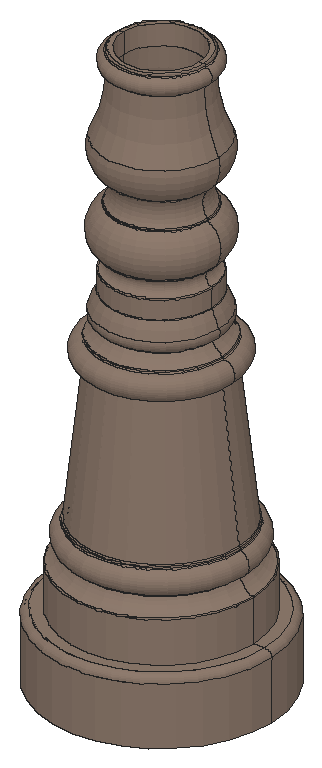
Revit family "CCS0509", category Generic Models, Revit 2014
Parameters
  SHELL = Bronze
Reference planes (in)
  plane 1 "Center (Front/Back)": y = 0
  plane 2: z = 0
  plane 3 "Center (Left/Right)": x = 0
Forms (in)
  Revolve 1, solid, material "Bronze" <- "SHELL"
    sketch origin (0, 0, 0) x (1, 0, 0) y (0, 0, 1)
      loop
        arc (-5.875, 3.125) -> (-5.80178, 3.30178) -> (-5.625, 3.375) r 0.25
        line (-5.625, 3.375) -> (-4.75, 3.375) -> (-4.75, 5.57934)
        arc (-4.75, 5.57934) -> (-4.3003, 5.91403) -> (-4.02328, 6.40137) r 1.36339
        line (-4.02328, 6.40137) -> (-3.95432, 7.88225)
        arc (-3.95432, 7.88225) -> (-3.28978, 11.55409) -> (-3.0672, 15.27894) r 31.2799
        line (-3.0672, 15.27894) -> (-3.0672, 16.73847)
        arc (-3.0672, 16.73847) -> (-2.7798, 16.99235) -> (-2.54393, 17.29471) r 2.07826
        arc (-2.54393, 17.29471) -> (-2.52175, 17.59096) -> (-2.75738, 17.7719) r 0.3125
        arc (-2.75738, 17.7719) -> (-2.90617, 17.8798) -> (-2.90756, 18.06359) r 0.20375
        arc (-2.90756, 18.06359) -> (-2.75675, 18.48051) -> (-2.54802, 18.87166) r 3.10044
        arc (-2.54802, 18.87166) -> (-2.51225, 18.9515) -> (-2.5, 19.03812) r 0.3125
        line (-2.5, 19.03812) -> (-2.5, 19.85563)
        arc (-2.5, 19.85563) -> (-2.16002, 20.40849) -> (-2.41956, 21.00338) r 0.70093
        arc (-2.41956, 21.00338) -> (-2.99562, 21.98586) -> (-2.41956, 22.96835) r 1.12585
        arc (-2.41956, 22.96835) -> (-1.95641, 23.95711) -> (-2.43854, 24.93675) r 1.26111
        arc (-2.43854, 24.93675) -> (-2.8949, 25.59305) -> (-2.90505, 26.39236) r 1.36374
        arc (-2.90505, 26.39236) -> (-2.27652, 27.97585) -> (-2.0625, 29.66602) r 6.78103
        line (-2.0625, 29.66602) -> (-2.0625, 30.75) -> (-2.3125, 30.75)
        arc (-2.3125, 30.75) -> (-2.36075, 30.72702) -> (-2.375, 30.67551) r 0.06435
        arc (-2.375, 30.67551) -> (-2.38789, 30.63749) -> (-2.42125, 30.61516) r 0.0625
        arc (-2.42125, 30.61516) -> (-2.749, 30.18749) -> (-2.42125, 29.75982) r 0.4429
        arc (-2.42125, 29.75982) -> (-2.38742, 29.73826) -> (-2.37366, 29.70058) r 0.0625
        arc (-2.37366, 29.70058) -> (-2.54826, 28.04504) -> (-3.13731, 26.48803) r 6.50513
        arc (-3.13731, 26.48803) -> (-3.12981, 25.50699) -> (-2.55549, 24.7116) r 1.61374
        arc (-2.55549, 24.7116) -> (-2.50591, 24.68256) -> (-2.48676, 24.62838) r 0.08366
        arc (-2.48676, 24.62838) -> (-2.25583, 23.95749) -> (-2.48677, 23.2866) r 1.08995
        arc (-2.48677, 23.2866) -> (-2.49676, 23.26803) -> (-2.50001, 23.24719) r 0.0625
        arc (-2.50001, 23.24719) -> (-2.5089, 23.21409) -> (-2.53391, 23.19066) r 0.0625
        arc (-2.53391, 23.19066) -> (-3.24946, 22.14641) -> (-2.76911, 20.97519) r 1.3325
        arc (-2.76911, 20.97519) -> (-2.7558, 20.95712) -> (-2.74973, 20.93552) r 0.0625
        arc (-2.74973, 20.93552) -> (-2.73681, 20.90296) -> (-2.70841, 20.88246) r 0.0625
        arc (-2.70841, 20.88246) -> (-2.40831, 20.4575) -> (-2.70841, 20.03254) r 0.45093
        arc (-2.70841, 20.03254) -> (-2.73855, 20.0097) -> (-2.75, 19.97364) r 0.0625
        line (-2.75, 19.97364) -> (-2.75, 19.03812)
        arc (-2.75, 19.03812) -> (-2.75245, 19.0208) -> (-2.7596, 19.00483) r 0.0625
        arc (-2.7596, 19.00483) -> (-2.98129, 18.59081) -> (-3.14291, 18.14987) r 3.35044
        arc (-3.14291, 18.14987) -> (-3.12028, 17.75429) -> (-2.79709, 17.52507) r 0.457
        arc (-2.79709, 17.52507) -> (-2.75014, 17.48854) -> (-2.75466, 17.42923) r 0.06287
        arc (-2.75466, 17.42923) -> (-3.00386, 17.11923) -> (-3.31386, 16.87003) r 1.84007
        line (-3.31386, 16.87003) -> (-3.31386, 16.80368)
        arc (-3.31386, 16.80368) -> (-3.32819, 16.76385) -> (-3.36463, 16.74229) r 0.0625
        arc (-3.36463, 16.74229) -> (-3.98191, 16.125) -> (-3.36463, 15.50771) r 0.61729
        arc (-3.36463, 15.50771) -> (-3.32754, 15.48566) -> (-3.31386, 15.44474) r 0.06191
        arc (-3.31386, 15.44474) -> (-3.59575, 11.67309) -> (-4.1875, 7.9375) r 45.85774
        arc (-4.1875, 7.9375) -> (-4.23169, 7.91919) -> (-4.25, 7.875) r 0.0625
        line (-4.25, 7.875) -> (-4.25, 7.79818)
        arc (-4.25, 7.79818) -> (-4.26234, 7.7609) -> (-4.29449, 7.73834) r 0.0625
        arc (-4.29449, 7.73834) -> (-4.75036, 7.13369) -> (-4.31106, 6.5169) r 0.64051
        arc (-4.31106, 6.5169) -> (-4.27427, 6.48446) -> (-4.27223, 6.43545) r 0.0625
        arc (-4.27223, 6.43545) -> (-4.54116, 6.02391) -> (-4.95835, 5.76384) r 1.14028
        arc (-4.95835, 5.76384) -> (-4.98854, 5.741) -> (-5, 5.70492) r 0.0625
        line (-5, 5.70492) -> (-5, 3.5) -> (-5.625, 3.5)
        arc (-5.625, 3.5) -> (-5.89017, 3.39017) -> (-6, 3.125) r 0.375
        line (-6, 3.125) -> (-6, 0) -> (-5.875, 0) -> (-5.875, 3.125)
      axis (0, 30.75) -> (0, 0)
    angle from 0 to 360
Dimensions and locks (in)
  aligned and locked: plane 2 to level
